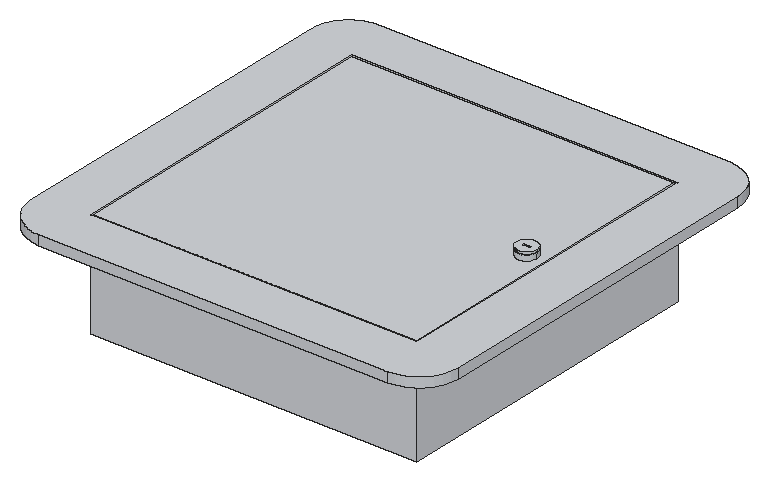
Revit family "MPFR", category Generic Models, host Face, Revit 2026
Family settings
  Host = Face
  Can host rebar = No
  Round Connector Dimension = Use Diameter
  Part Type = Normal
  Cut with Voids When Loaded = No
  Maintain Annotation Orientation = No
  Shared = No
  Room Calculation Point = No
Parameters (values of type "MPFR-8” x 8”")
  Width = 0' - 8"
  URL = "WWW.MIFAB.COM"
  Model = "MPRF"
  Material = none
  Manufacturer = "MIFAB"
  Height = 0' - 8"
  Description = "INSULATED FIRE RATED ACCESS DOOR"
  Default Elevation = 4' - 0"
Types (20): name | Width | Height
  (no name) | 0' - 8" | 0' - 8"
  MPFR-8” x 8” | 0' - 8" | 0' - 8"
  MPFR-10” x10” | 0' - 10" | 0' - 10"
  MPFR-12” x 12” | 1' - 0" | 1' - 0"
  MPFR-12” x 18” | 1' - 0" | 1' - 6"
  MPFR-12” x 24” | 1' - 0" | 2' - 0"
  MPFR-14” x 14” | 1' - 2" | 1' - 2"
  MPFR-16” x 16” | 1' - 4" | 1' - 4"
  MPFR-18” x1 8” | 1' - 6" | 1' - 6"
  MPFR-20” x 20” | 1' - 8" | 1' - 8"
  MPFR-22” x 22” | 1' - 10" | 1' - 10"
  MPFR-22” x 30” | 1' - 10" | 2' - 6"
  MPFR-22” x 36” | 1' - 10" | 3' - 0"
  MPFR-24” x 24” | 2' - 0" | 2' - 0"
  MPFR-24” x 36” | 2' - 0" | 3' - 0"
  MPFR-24” x 48” | 2' - 0" | 4' - 0"
  MPFR-30” x 30” | 2' - 6" | 2' - 6"
  MPFR-32” x 32” | 2' - 8" | 2' - 8"
  MPFR-36” x 36” | 3' - 0" | 3' - 0"
  MPFR-36” x 48” | 3' - 0" | 4' - 0"
Reference planes (in)
  plane 1 "Center (Front/Back)": y = 0
  plane 2: z = 0
  plane 3 "Center (Left/Right)": x = 0
  plane 4: x = -4
  plane 5: x = 4
  plane 6: y = 4
  plane 7: y = -4
  plane 8: x = -5.25
  plane 9: x = 5.25
  plane 10: y = -5.25
  plane 11: y = 5.25
  plane 12: z = -3.76378
  plane 13: z = 0.23622
  plane 14: z = 0.10148
  plane 15: z = -2.38878
  plane 16: y = 3.95605
  plane 17: y = -3.96063
  plane 18: x = -3.96063
  plane 19: x = 3.96063
  plane 20: z = -1.76378
Forms (in)
  Extrusion 1, solid, material <- "Material"
    sketch origin (0, 0, 0) x (1, 0, 0) y (0, 1, 0)
      loop
        line (-4, 4) -> (-4, -4) -> (4, -4) -> (4, 4) -> (-4, 4)
      loop
        line (3.96063, 3.95605) -> (-3.96063, 3.95605) -> (-3.96063, -3.96063) -> (3.96063, -3.96063) -> (3.96063, 3.95605)
    from -2.38878 to 0
  Extrusion 2, void
    sketch origin (0, 0, 0) x (1, 0, 0) y (0, 1, 0)
      loop
        line (-4.25, 4.25) -> (-4.25, -4.25) -> (4.25, -4.25) -> (4.25, 4.25) -> (-4.25, 4.25)
    from -2.38878 to 0.23622
  Extrusion 3, solid, material <- "Material"
    sketch origin (0, 0, 0) x (1, 0, 0) y (0, 1, 0)
      loop
        line (-3.96063, 3.95605) -> (-3.96063, -3.96063) -> (3.96063, -3.96063) -> (3.96063, 3.95605) -> (-3.96063, 3.95605)
    from -1.76378 to 0.23622
  Extrusion 4, solid, material <- "Material"
    sketch origin (0, 0, 0) x (1, 0, 0) y (0, 1, 0)
      loop
        line (-4, 4) -> (-4, -4) -> (4, -4) -> (4, 4) -> (-4, 4)
      loop
        arc (5.25, 4.28426) -> (4.96714, 4.96714) -> (4.28426, 5.25) r 0.96574
        line (4.28426, 5.25) -> (-4.28516, 5.25)
        arc (-4.28516, 5.25) -> (-4.9674, 4.9674) -> (-5.25, 4.28516) r 0.96484
        line (-5.25, 4.28516) -> (-5.25, -4.28516)
        arc (-5.25, -4.28516) -> (-4.9674, -4.9674) -> (-4.28516, -5.25) r 0.96484
        line (-4.28516, -5.25) -> (4.28516, -5.25)
        arc (4.28516, -5.25) -> (4.9674, -4.9674) -> (5.25, -4.28516) r 0.96484
        line (5.25, -4.28516) -> (5.25, 4.28426)
    from 0 to 0.23622
Dimensions and locks (in)
  equal spacing: plane 7, plane 1 "Center (Front/Back)", plane 6
  locked: plane 11 to plane 6 at 1.25
  locked: plane 7 to plane 10 at 1.25
  "Height": plane 7 to plane 6
  equal spacing: plane 4, plane 3 "Center (Left/Right)", plane 5
  "Width": plane 4 to plane 5
  locked: plane 8 to plane 4 at 1.25
  locked: plane 5 to plane 9 at 1.25
  locked: plane 7 to Extrusion 1 sketch curve at 0.03937
  locked: plane 6 to Extrusion 1 sketch curve at 0.04395
  locked: Extrusion 1 sketch curve to plane 5 at 0.03937
  locked: plane 4 to Extrusion 1 sketch curve at 0.03937
  locked: plane 13 to plane 2 at 0.23622
  locked: plane 13 to plane 14 at 0.13474
  locked: Extrusion 4 sketch curve to plane 11 at 0.96574
  locked: Extrusion 4 sketch curve to plane 9 at 0.96574
  locked: Extrusion 4 sketch curve to plane 9 at 0.96484
  locked: Extrusion 4 sketch curve to plane 10 at 0.96484  (x2)
  locked: plane 8 to Extrusion 4 sketch curve at 0.96484  (x2)
  locked: Extrusion 4 sketch curve to plane 11 at 0.96484
  locked: plane 13 to plane 15 at 2.625
  locked: plane 6 to plane 16 at 0.04395
  locked: plane 7 to plane 17 at 0.03937
  locked: plane 4 to plane 18 at 0.03937
  locked: plane 19 to plane 5 at 0.03937
  locked: Extrusion 4 to plane 20 at 2
  locked: Extrusion 2 sketch curve to plane 4 at 0.25
  locked: Extrusion 2 sketch curve to plane 6 at 0.25
  locked: Extrusion 2 sketch curve to plane 7 at 0.25
  locked: plane 5 to Extrusion 2 sketch curve at 0.25
  locked: Extrusion 4 to plane 15 at 2.625
  Extrusion 4 to Extrusion 3 = 0' - 2"
  locked: nested 1 to plane 5 at 0.5
  aligned and locked: plane 2 to host face
  aligned and locked: level to host face
  aligned and locked: Extrusion 1 sketch curve to plane 4
  aligned and locked: Extrusion 1 sketch curve to plane 6
  aligned and locked: plane 5 to Extrusion 1 sketch curve
  aligned and locked: plane 7 to Extrusion 1 sketch curve
  aligned and locked: Extrusion 4 sketch curve to plane 4
  aligned and locked: plane 5 to Extrusion 4 sketch curve
  aligned and locked: plane 7 to Extrusion 4 sketch curve
  aligned and locked: Extrusion 4 sketch curve to plane 6
  aligned and locked: plane 9 to Extrusion 4 sketch curve
  aligned and locked: Extrusion 4 sketch curve to plane 8
  aligned and locked: Extrusion 4 sketch curve to plane 10
  aligned and locked: Extrusion 4 to plane 2
  aligned and locked: plane 13 to Extrusion 4
  aligned and locked: level to Extrusion 1
  aligned and locked: Extrusion 1 to plane 15
  aligned and locked: plane 19 to Extrusion 3 sketch curve
  aligned and locked: Extrusion 3 sketch curve to plane 16
  aligned and locked: Extrusion 3 sketch curve to plane 18
  aligned and locked: plane 17 to Extrusion 3 sketch curve
  aligned and locked: Extrusion 2 to Extrusion 1
  aligned and locked: plane 13 to Extrusion 2
  aligned and locked: Extrusion 3 to plane 20
  aligned and locked: plane 13 to Extrusion 3
  aligned and locked: plane 1 "Center (Front/Back)" to nested 1
Automatic sketch dimensions
  host sketch curve to host sketch curve = 4' - 7.62848"
  host sketch curve to host sketch curve = 5' - 8.13518"
Nested families (in)
  nested 1: "Handle-1" at (3.5, 0, 0.23622), type "Handle-1"
Definition of nested family "Handle-1"
  Parameters (values of type "Handle-1")
    Material = none
    Default Elevation = 4' - 0"
  Reference planes (in)
    plane 1 "Center (Front/Back)": y = 0
    plane 2: z = 0
    plane 3 "Center (Left/Right)": x = 0
    plane 4: z = 0.46152
  Forms (in)
    Extrusion 1, solid
      sketch origin (0, 0, 0) x (1, 0, 0) y (0, 1, 0)
        loop
          line (-48, 48) -> (-48, -48) -> (48, -48) -> (48, 48) -> (-48, 48)
      from 0 to -12
    Revolve 2, solid
      sketch origin (0, 0, 0) x (1, 0, 0) y (0, 0, 1)
        loop
          line (0, 0) -> (0.25, 0) -> (0.25, 0.12907)
          arc (0.25, 0.12907) -> (0.24341, 0.14499) -> (0.22749, 0.15158) r 0.02251
          line (0.22749, 0.15158) -> (0, 0.15158) -> (0, 0)
        axis (0, 0) -> (0, 0.15158)
      angle from 0 to 360
    Extrusion 3, solid
      sketch origin (-3.78692, 0, -0.49918) x (1, 0, 0) y (0, 1, 0)
        loop
          circle (3.78692, 0) r 0.25
        loop
          line (3.70895, 0.01538) -> (3.70895, -0.01537) -> (3.86488, -0.01537) -> (3.86488, 0.01538) -> (3.70895, 0.01538)
      from 0.64964 to 0.6877
  Dimensions and locks (in)
    aligned and locked: plane 2 to Extrusion 1
    aligned and locked: level to Extrusion 1
